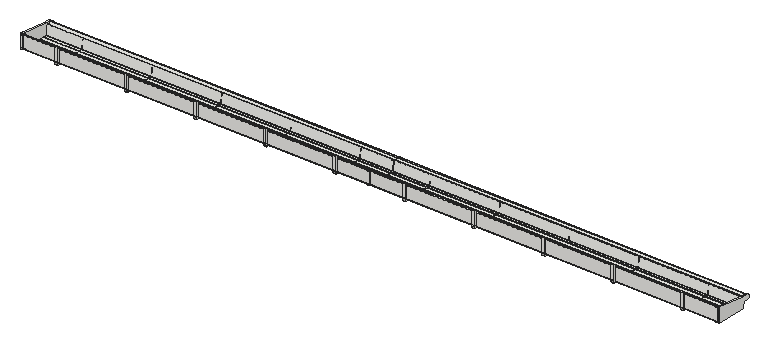
Revit family "NLRS_27_GM_LIB_T21_MR", category Generic Models, Revit 2021
Family settings
  Can host rebar = No
  Round Connector Dimension = Use Diameter
  Part Type = Normal
  Cut with Voids When Loaded = No
  Shared = No
  Room Calculation Point = No
Parameters (values of type "WIT AC 1382 ≈ RAL 9016")
  start_afstand_beugel [instance] = if([built-in parameter 1001306] < 780 mm, ([built-in parameter 1001306] / 3), 250 mm)  # 250 mm
  set_beugeltype = T21 - beugel_G : T21 - G beugel
  Verstek_diepte [instance] = 257 mm  # constant formula
  URL = "https://www.meilofriks.nl/"
  Type_beugel [instance] = T21 - beugel_R : T21 - R beugel
  Set_Condition_R = Goot_profiel_GM_LIB_R_H_eind : Goot_profiel_GM_LIB_R_H_eind
  Set_Condition_L = Goot_profiel_GM_LIB_L_H_eind : Goot_profiel_GM_LIB_L_H_eind
  NLRS_type_R [instance] = Goot_profiel_GM_LIB_R_H_eind : Goot_profiel_GM_LIB_R_H_eind
  NLRS_type_L [instance] = Goot_profiel_GM_LIB_L_H_eind : Goot_profiel_GM_LIB_L_H_eind
  NLRS_C_materiaal = RAL 9016
  NLRS_C_lengte [instance] = [built-in parameter 1001306] + Lengte_L + Lengte_R  # 5000 mm
  NLRS_C_content_datum_uitgifte = "21-12-2018"  # constant formula
  NLRS_C_content_creator = "KPMS"  # constant formula
  NLRS_C_afstand [instance] = 500 mm
  NLRS_C_aantal [instance] = aantal beugels  # 10
  Model = "T21"  # constant formula
  Manufacturer = "Meilof Riks"  # constant formula
  Lengte_R [instance] = if(Eind_schot_R, 0 mm, Verstek_diepte)  # 0 mm
  Lengte_L [instance] = if(Eind_schot_L, 0 mm, Verstek_diepte)  # 0 mm
  Kleur = "wit (AC1382)"
  IfcExportType = ""
  IfcExportAs = "IfcPipeSegmentType"
  Graden beugel [instance] = 90.00° - Dakhelling  # 50.00°
  min_hoh_afstand [instance] = if([built-in parameter 1001306] < 780 mm, [built-in parameter 1001306] / 3, 510 mm)  # 510 mm
  aantal beugels [instance] = (([built-in parameter 1001306] - start_afstand_beugel * 2) / min_hoh_afstand) + 1  # 10
  built-in parameter 1001306 [instance] = 5000 mm
  Eind_schot_R [instance] = NLRS_type_R = Set_Condition_R  # yes
  Eind_schot_L [instance] = NLRS_type_L = Set_Condition_L  # yes
  Description = "Beugel goot type T21"  # constant formula
  Default Elevation = 0 mm
  Dakhelling [instance] = 40.00°
  Beugel [instance] = if(Type_beugel = set_beugeltype, "Type 21, G-laag beugels", "Type 21, R-beugels")  # "Type 21, R-beugels"
  Assembly Code = "27.16"
Types (5, lengths in mm): name | Type_beugel | NLRS_type_R | NLRS_type_L | NLRS_C_materiaal | NLRS_C_lengte | Lengte_R | Lengte_L | Kleur | Eind_schot_R | Eind_schot_L | Beugel
  RAL 7016 | T21 - beugel_R : T21 - R beugel | Goot_profiel_GM_LIB_R_H_eind : Goot_profiel_GM_LIB_R_H_eind | Goot_profiel_GM_LIB_L_H_eind : Goot_profiel_GM_LIB_L_H_eind | RAL 7016 | 5000 | 0 | 0 | "antraciet (RAL7016)" | yes | yes | "Type 21, R-beugels"
  RAL 7036 | T21 - beugel_R : T21 - R beugel | Goot_profiel_GM_LIB_R_V_bui : Goot_profiel_GM_LIB_R_V_bui | Goot_profiel_GM_LIB_L_V_bui : Goot_profiel_GM_LIB_L_V_bui | RAL 7036 | 5514 | 257 | 257 | "grijs (RAL7036)" | no | no | "Type 21, R-beugels"
  RAL 9001 | T21 - beugel_R : T21 - R beugel | Goot_profiel_GM_LIB_R_V_bui : Goot_profiel_GM_LIB_R_V_bui | Goot_profiel_GM_LIB_L_V_bui : Goot_profiel_GM_LIB_L_V_bui | RAL 9001 | 5514 | 257 | 257 | "crème (RAL9001)" | no | no | "Type 21, R-beugels"
  RAL 9006 | T21 - beugel_G : T21 - G beugel | Goot_profiel_GM_LIB_R_H_eind : Goot_profiel_GM_LIB_R_H_eind | Goot_profiel_GM_LIB_L_H_eind : Goot_profiel_GM_LIB_L_H_eind | RAL 9006 | 5000 | 0 | 0 | "zilver (RAL9006)" | yes | yes | "Type 21, G-laag beugels"
  WIT AC 1382 ≈ RAL 9016 | T21 - beugel_R : T21 - R beugel | Goot_profiel_GM_LIB_R_H_eind : Goot_profiel_GM_LIB_R_H_eind | Goot_profiel_GM_LIB_L_H_eind : Goot_profiel_GM_LIB_L_H_eind | RAL 9016 | 5000 | 0 | 0 | "wit (AC1382)" | yes | yes | "Type 21, R-beugels"
Reference planes
  plane 1 "Center (Front/Back)": y = 0
  plane 2: z = 0
  plane 3 "Left": x = 0
  plane 4 "Right": x = 5000
  plane 5: x = 2500
Lines and regions (mm)
  reference lines
    curve 1: line (0, 0, 0) -> (5000, 0, 0)
    curve 2: line (250, -329.639, 0) -> (250, 610.361, 0)
    curve 3: line (4750, 572.987, 0) -> (4750, -387.013, 0)
Dimensions and locks
  "built-in parameter 1001306": plane 3 "Left" to plane 4 "Right"
  equal spacing: plane 3 "Left", plane 5, plane 4 "Right"
  "start_afstand_beugel": plane 3 "Left" to curve 2
  "start_afstand_beugel": curve 3 to plane 4 "Right"
  equal spacing: group 1, group 3, group 4, group 5, group 6, group 7, group 8, group 9, group 10, group 2  (x3)
  "NLRS_C_afstand": curve 2 to nested 7
  aligned and locked: plane 4 "Right" to curve 1
  aligned and locked: plane 1 "Center (Front/Back)" to curve 1
  aligned and locked: plane 3 "Left" to curve 1
  aligned and locked: level to plane 2
  aligned and locked: nested 2 to curve 1
  aligned and locked: plane 3 "Left" to nested 2
  aligned and locked: plane 5 to nested 2
  aligned and locked: curve 1 to nested 3
  aligned and locked: plane 5 to nested 3
  aligned and locked: plane 4 "Right" to nested 3
  aligned and locked: curve 2 to nested 1
  aligned and locked: nested 6 to curve 3
  aligned and locked: plane 3 "Left" to nested 4
  aligned and locked: plane 4 "Right" to nested 5
  aligned and locked: plane 1 "Center (Front/Back)" to nested 4
  aligned and locked: nested 5 to plane 1 "Center (Front/Back)"
Automatic sketch dimensions
  plane 1 "Center (Front/Back)" to curve 2 = 329.639 mm
  plane 1 "Center (Front/Back)" to curve 3 = 387.013 mm
  curve 3 to plane 1 "Center (Front/Back)" = 572.987 mm
  curve 2 to plane 1 "Center (Front/Back)" = 610.361 mm
Nested families
  nested 1: "T21 - beugel_R" at (250, -5.996, -6), type <- "Type_beugel", type "T21 - R beugel"
  nested 2: "Goot_profiel_GM_LIB_L_H_eind" at (0, 0, 0), type <- "NLRS_type_L", type "Goot_profiel_GM_LIB_L_H_eind"
    with built-in parameter 1001306 2500 mm
  nested 3: "Goot_profiel_GM_LIB_R_H_eind" at (2500, 0, 0), type <- "NLRS_type_R", type "Goot_profiel_GM_LIB_R_H_eind"
    with built-in parameter 1001306 2500 mm, diepte_profiel 257 mm
  nested 4: "T21 - eindschot" at (-15, 0, 0), visible <- "Eind_schot_L", type "T21 - eindschot"
  nested 5: "T21 - eindschot" at (5015, 0, 0) x (-1, 0, 0) z (0, 0, 1), visible <- "Eind_schot_R", type "T21 - eindschot"
  nested 6: "T21 - beugel_R" at (4750, -5.996, -6), type <- "Type_beugel", type "T21 - R beugel"
  nested 7: "T21 - beugel_R" at (750, -5.996, -6), type <- "Type_beugel", type "T21 - R beugel"
  nested 8: "T21 - beugel_R" at (1250, -5.996, -6), type <- "Type_beugel", type "T21 - R beugel"
  nested 9: "T21 - beugel_R" at (1750, -5.996, -6), type <- "Type_beugel", type "T21 - R beugel"
  nested 10: "T21 - beugel_R" at (2250, -5.996, -6), type <- "Type_beugel", type "T21 - R beugel"
  nested 11: "T21 - beugel_R" at (2750, -5.996, -6), type <- "Type_beugel", type "T21 - R beugel"
  nested 12: "T21 - beugel_R" at (3250, -5.996, -6), type <- "Type_beugel", type "T21 - R beugel"
  nested 13: "T21 - beugel_R" at (3750, -5.996, -6), type <- "Type_beugel", type "T21 - R beugel"
  nested 14: "T21 - beugel_R" at (4250, -5.996, -6), type <- "Type_beugel", type "T21 - R beugel"
Definition of nested family "T21 - beugel_R"
  Parameters (values of type "T21 - R beugel profile_generic_model")
    beugel_dikte = 20 mm
    Material = none
    Default Elevation = 0 mm
  Reference planes
    plane 1 "Center (Front/Back)": y = 0
    plane 2: z = 0
    plane 3 "Center (Left/Right)": x = 0
    plane 4: x = -10
    plane 5: x = 10
  Forms (mm)
    Sweep 1, solid, material <- "Material"
      path origin (0, 0, 0) x (1, 0, 0) y (0, 0, 1)
        loop
          line (-10, 0) -> (10, 0)
      profile "T21 - R beugel profile : T21 - R beugel profile" origin (0, 0, 0) x (0, 0, 1) y (0, -1, 0)
        loop
          line (57.902, -225.435) -> (10.391, -219.601)
          arc (10.391, -219.601) -> (7.255, -217.952) -> (6, -214.639) r 5
          line (6, -214.639) -> (6, -10.993)
          arc (6, -10.993) -> (7.403, -7.52) -> (10.826, -5.996) r 5
          line (10.826, -5.996) -> (117.138, -5.996) -> (116.929, 0) -> (10.616, 0)
          arc (10.616, 0) -> (3.087, -3.352) -> (0, -10.993) r 11
          line (0, -10.993) -> (0, -214.639)
          arc (0, -214.639) -> (2.761, -221.928) -> (9.659, -225.557) r 11
          line (9.659, -225.557) -> (57.171, -231.39)
          arc (57.171, -231.39) -> (60.847, -233.778) -> (61.23, -238.145) r 5
          line (61.23, -238.145) -> (53.13, -259.244) -> (58.732, -261.394) -> (66.831, -240.295)
          arc (66.831, -240.295) -> (65.99, -230.688) -> (57.902, -225.435) r 11
  Dimensions and locks
    equal spacing: plane 5, plane 3 "Center (Left/Right)", plane 4
    "beugel_dikte": plane 5 to plane 4
    aligned and locked: level to plane 2
    aligned and locked: plane 5 to Sweep 1 sketch curve
    aligned and locked: plane 4 to Sweep 1 sketch curve
    aligned and locked: plane 1 "Center (Front/Back)" to Sweep 1
  Automatic sketch dimensions
    Sweep 1 sketch curve to level = 0 mm
Definition of nested family "Goot_profiel_GM_LIB_L_H_eind"
  Parameters (values of type "Goot_profiel_GM_LIB_L_H_eind")
    diepte_profiel = 257 mm
    Material = none
    built-in parameter 1001306 [instance] = 1200 mm
    Default Elevation = 0 mm
  Reference planes
    plane 1 "Center (Front/Back)": y = 0
    plane 2: z = 0
    plane 3 "Left": x = 0
    plane 4 "Right": x = 1200
    plane 5: x = -257
    plane 6: y = 257
  Forms (mm)
    Sweep 1, solid, material <- "Material"
      path origin (0, 0, 0) x (1, 0, 0) y (0, 1, 0)
        loop
          line (-257, 0) -> (1200, 0)
      profile "T21 profile : T21 profile" origin (471.5, 0, 0) x (0, 1, 0) y (0, 0, 1)
        loop
          line (256.512, 48.214) -> (256.512, 70.714)
          arc (256.512, 70.714) -> (255.867, 72.27) -> (254.312, 72.914) r 2.2
          line (254.312, 72.914) -> (219.616, 72.914)
          arc (219.616, 72.914) -> (218.172, 72.374) -> (217.437, 71.02) r 2.2
          line (217.437, 71.02) -> (208.073, 4.391)
          arc (208.073, 4.391) -> (207.572, 3.468) -> (206.588, 3.1) r 1.5
          line (206.588, 3.1) -> (184.887, 3.1) -> (183.394, 2.7) -> (154.394, 2.7) -> (152.901, 3.1) -> (121.887, 3.1) -> (120.394, 2.7) -> (91.394, 2.7) -> (89.901, 3.1) -> (58.887, 3.1) -> (57.394, 2.7) -> (28.394, 2.7) -> (26.901, 3.1) -> (5.2, 3.1)
          arc (5.2, 3.1) -> (4.139, 3.539) -> (3.7, 4.6) r 1.5
          line (3.7, 4.6) -> (3.7, 97.189)
          arc (3.7, 97.189) -> (4.812, 98.638) -> (6.499, 97.939) r 1.5
          line (6.499, 97.939) -> (11.394, 89.462) -> (11.65, 90.418) -> (7.105, 98.289)
          arc (7.105, 98.289) -> (4.631, 99.315) -> (3, 97.189) r 2.2
          line (3, 97.189) -> (3, 4.6)
          arc (3, 4.6) -> (3.644, 3.044) -> (5.2, 2.4) r 2.2
          line (5.2, 2.4) -> (26.809, 2.4) -> (28.302, 2) -> (57.486, 2) -> (58.979, 2.4) -> (89.809, 2.4) -> (91.302, 2) -> (120.486, 2) -> (121.979, 2.4) -> (152.809, 2.4) -> (154.302, 2) -> (183.486, 2) -> (184.979, 2.4) -> (206.588, 2.4)
          arc (206.588, 2.4) -> (208.031, 2.94) -> (208.766, 4.294) r 2.2
          line (208.766, 4.294) -> (218.13, 70.923)
          arc (218.13, 70.923) -> (218.632, 71.846) -> (219.616, 72.214) r 1.5
          line (219.616, 72.214) -> (254.312, 72.214)
          arc (254.312, 72.214) -> (255.372, 71.775) -> (255.812, 70.714) r 1.5
          line (255.812, 70.714) -> (255.812, 48.214)
          arc (255.812, 48.214) -> (253.96, 45.442) -> (250.69, 46.093) r 3
          line (250.69, 46.093) -> (244.326, 52.457) -> (244.326, 51.467) -> (250.195, 45.598)
          arc (250.195, 45.598) -> (254.228, 44.796) -> (256.512, 48.214) r 3.7
    Extrusion 2, void
      sketch origin (0, 0, 0) x (1, 0, 0) y (0, 1, 0)
        loop
          line (-303.694, 257) -> (-303.694, 0) -> (0, 0) -> (0, 257) -> (-303.694, 257)
      from 0 to 250
  Cuts and joins
    Extrusion 2 cuts Sweep 1
  Lines and regions (mm)
    reference lines
      curve 1: line (0, 0, 0) -> (1200, 0, 0)
    model lines
      curve 2: line (0, 0, 0) -> (1200, 0, 0)
  Dimensions and locks
    "built-in parameter 1001306": plane 3 "Left" to plane 4 "Right"
    "diepte_profiel": plane 6 to plane 1 "Center (Front/Back)"
    "diepte_profiel": plane 5 to plane 3 "Left"
    aligned and locked: plane 4 "Right" to curve 1
    aligned and locked: plane 1 "Center (Front/Back)" to curve 1
    aligned and locked: plane 3 "Left" to curve 1
    aligned and locked: level to plane 2
    aligned and locked: curve 2 to curve 1
    aligned and locked: Sweep 1 sketch curve to curve 2
    aligned and locked: plane 4 "Right" to Sweep 1 sketch curve
    aligned and locked: plane 5 to Sweep 1 sketch curve
    aligned and locked: plane 6 to Extrusion 2 sketch curve
    aligned and locked: Extrusion 2 sketch curve to plane 1 "Center (Front/Back)"
    aligned and locked: Extrusion 2 sketch curve to plane 3 "Left"
  Automatic sketch dimensions
    curve 2 to plane 3 "Left" = 0 mm
    curve 2 to plane 4 "Right" = 0 mm
    plane 5 to Extrusion 2 sketch curve = 46.694 mm
Definition of nested family "Goot_profiel_GM_LIB_R_H_eind"
  Parameters (values of type "Goot_profiel_GM_LIB_R_H_eind")
    diepte_profiel = 256.512 mm
    Material = none
    built-in parameter 1001306 [instance] = 1200 mm
  Reference planes
    plane 1 "Center (Front/Back)": y = 0
    plane 2: z = 0
    plane 3 "Left": x = 0
    plane 4 "Right": x = 1200
    plane 5: x = 1456.512
    plane 6: y = 256.512
  Forms (mm)
    Sweep 1, solid, material <- "Material"
      path origin (0, 0, 0) x (1, 0, 0) y (0, 1, 0)
        loop
          line (0, 0) -> (1456.512, 0)
      profile "T21 profile : T21 profile" origin (728.256, 0, 0) x (0, 1, 0) y (0, 0, 1)
        loop
          line (256.512, 48.214) -> (256.512, 70.714)
          arc (256.512, 70.714) -> (255.867, 72.27) -> (254.312, 72.914) r 2.2
          line (254.312, 72.914) -> (219.616, 72.914)
          arc (219.616, 72.914) -> (218.172, 72.374) -> (217.437, 71.02) r 2.2
          line (217.437, 71.02) -> (208.073, 4.391)
          arc (208.073, 4.391) -> (207.572, 3.468) -> (206.588, 3.1) r 1.5
          line (206.588, 3.1) -> (184.887, 3.1) -> (183.394, 2.7) -> (154.394, 2.7) -> (152.901, 3.1) -> (121.887, 3.1) -> (120.394, 2.7) -> (91.394, 2.7) -> (89.901, 3.1) -> (58.887, 3.1) -> (57.394, 2.7) -> (28.394, 2.7) -> (26.901, 3.1) -> (5.2, 3.1)
          arc (5.2, 3.1) -> (4.139, 3.539) -> (3.7, 4.6) r 1.5
          line (3.7, 4.6) -> (3.7, 97.189)
          arc (3.7, 97.189) -> (4.812, 98.638) -> (6.499, 97.939) r 1.5
          line (6.499, 97.939) -> (11.394, 89.462) -> (11.65, 90.418) -> (7.105, 98.289)
          arc (7.105, 98.289) -> (4.631, 99.315) -> (3, 97.189) r 2.2
          line (3, 97.189) -> (3, 4.6)
          arc (3, 4.6) -> (3.644, 3.044) -> (5.2, 2.4) r 2.2
          line (5.2, 2.4) -> (26.809, 2.4) -> (28.302, 2) -> (57.486, 2) -> (58.979, 2.4) -> (89.809, 2.4) -> (91.302, 2) -> (120.486, 2) -> (121.979, 2.4) -> (152.809, 2.4) -> (154.302, 2) -> (183.486, 2) -> (184.979, 2.4) -> (206.588, 2.4)
          arc (206.588, 2.4) -> (208.031, 2.94) -> (208.766, 4.294) r 2.2
          line (208.766, 4.294) -> (218.13, 70.923)
          arc (218.13, 70.923) -> (218.632, 71.846) -> (219.616, 72.214) r 1.5
          line (219.616, 72.214) -> (254.312, 72.214)
          arc (254.312, 72.214) -> (255.372, 71.775) -> (255.812, 70.714) r 1.5
          line (255.812, 70.714) -> (255.812, 48.214)
          arc (255.812, 48.214) -> (253.96, 45.442) -> (250.69, 46.093) r 3
          line (250.69, 46.093) -> (244.326, 52.457) -> (244.326, 51.467) -> (250.195, 45.598)
          arc (250.195, 45.598) -> (254.228, 44.796) -> (256.512, 48.214) r 3.7
    Extrusion 2, void
      sketch origin (0, 0, 0) x (1, 0, 0) y (0, 1, 0)
        loop
          line (1200, 256.512) -> (1200, 0) -> (1500, 0) -> (1500, 256.512) -> (1200, 256.512)
      from 0 to 250
  Cuts and joins
    Extrusion 2 cuts Sweep 1
  Lines and regions (mm)
    reference lines
      curve 1: line (0, 0, 0) -> (1200, 0, 0)
    model lines
      curve 2: line (0, 0, 0) -> (1200, 0, 0)
  Dimensions and locks
    "built-in parameter 1001306": plane 3 "Left" to plane 4 "Right"
    "diepte_profiel": plane 1 "Center (Front/Back)" to plane 6
    "diepte_profiel": plane 4 "Right" to plane 5
    aligned and locked: plane 4 "Right" to curve 1
    aligned and locked: plane 1 "Center (Front/Back)" to curve 1
    aligned and locked: plane 3 "Left" to curve 1
    aligned and locked: level to plane 2
    aligned and locked: curve 2 to curve 1
    aligned and locked: Sweep 1 sketch curve to curve 2
    aligned and locked: plane 5 to Sweep 1 sketch curve
    aligned and locked: plane 3 "Left" to Sweep 1 sketch curve
    aligned and locked: plane 4 "Right" to Extrusion 2 sketch curve
    aligned and locked: Extrusion 2 sketch curve to plane 6
    aligned and locked: Extrusion 2 sketch curve to plane 1 "Center (Front/Back)"
    aligned and locked: plane 6 to cut or joined group of Sweep 1, Extrusion 2
  Automatic sketch dimensions
    curve 2 to plane 3 "Left" = 0 mm
    curve 2 to plane 4 "Right" = 0 mm
    Extrusion 2 sketch curve to Extrusion 2 sketch curve = 300 mm
Definition of nested family "T21 - eindschot"
  Parameters (values of type "T21 - eindschot")
    Material = none
  Reference planes
    plane 1 "Center (Front/Back)": y = 0
    plane 2: z = 0
    plane 3 "Center (Left/Right)": x = 0
  Forms (mm)
    Extrusion 1, solid, material <- "Material"
      sketch origin (0, 0, 0) x (0, 1, 0) y (0, 0, 1)
        loop
          line (217.671, 74.194) -> (5.586, 99.966)
          arc (5.586, 99.966) -> (3.078, 99.185) -> (2, 96.789) r 3.2
          line (2, 96.789) -> (2, 4.2)
          arc (2, 4.2) -> (2.937, 1.937) -> (5.2, 1) r 3.2
          line (5.2, 1) -> (206.588, 1)
          arc (206.588, 1) -> (208.687, 1.785) -> (209.756, 3.755) r 3.2
          line (209.756, 3.755) -> (215.365, 43.662) -> (252.606, 43.662)
          arc (252.606, 43.662) -> (255.93, 45.039) -> (257.306, 48.362) r 4.7
          line (257.306, 48.362) -> (257.306, 70.994)
          arc (257.306, 70.994) -> (256.369, 73.257) -> (254.106, 74.194) r 3.2
          line (254.106, 74.194) -> (217.671, 74.194)
      from 0 to 15
  Dimensions and locks
    aligned and locked: level to plane 2
